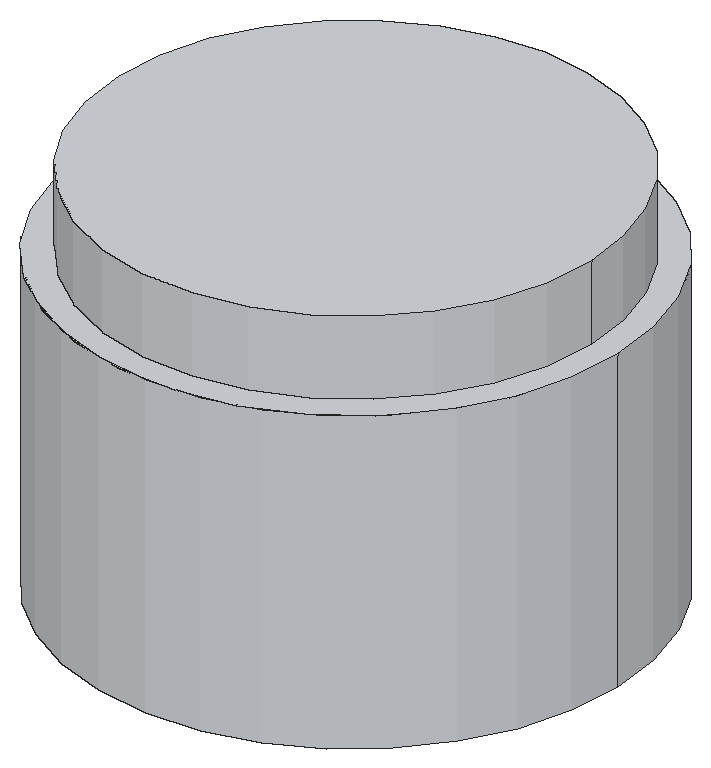
Revit family "M_Fotocélula", category Dispositivos de iluminação, Revit 2019
Family settings
  Manter orientação da anotação = Sim
  Cota do conector redondo = Utilizar diâmetro
  Tipo de parte = Interruptor
  Número OmniClass = 23.85.80.11.27
  Título OmniClass = Lighting Controls
  ID de item do Seek = Photocell-0000-CAN-ENU
  Com base no plano de trabalho = Não
  Sempre na vertical = Sim
  Corte com vazios quando carregada = Não
  Compartilhado = Não
  Ponto de cálculo do ambiente = Não
Parameters (values of type "Padrão")
  Voltagem = 120 V
  Raio 1 = Diâmetro * 0.45  # 34.2 mm
  Raio = Diâmetro * 0.5  # 38 mm
  Número de pólos = 1
  Material = none
  Classificação de carga = Outros
  Comprimento 1 = Altura * 0.8  # 43.2 mm
  Legenda = "PC"
  Altura = 54 mm
  Diâmetro = 76 mm
  Carga aparente = 0 VA
Reference planes
  plane 1 "Centro (Frente/Trás)": y = 0
  plane 2: z = 0
  plane 3 "Centro (Esquerda/Direita)": x = 0
  plane 4: z = 54
  plane 5: z = 43.2
Forms (mm)
  Extrusion 1, solid, material <- "Material"
    sketch origin (0, 0, 0) x (1, 0, 0) y (0, 1, 0)
      loop
        circle (0, 0) r 38
    from 0 to 43.2
  Extrusion 2, solid, material <- "Material"
    sketch origin (0, 0, 0) x (1, 0, 0) y (0, 1, 0)
      loop
        circle (0, 0) r 34.2
    from 43.2 to 54
Cuts and joins
  joined: Extrusion 1, Extrusion 2
Lines and regions (mm)
  symbolic lines, detail levels fine
    curve 1: arc (34.2, 0, 0) -> (0, 34.2, 0) -> (-34.2, 0, 0) r 34.2
    curve 2: arc (-34.2, 0, 0) -> (0, -34.2, 0) -> (34.2, 0, 0) r 34.2
    curve 3: arc (-38, 0, 0) -> (0, -38, 0) -> (38, 0, 0) r 38
    curve 4: arc (38, 0, 0) -> (0, 38, 0) -> (-38, 0, 0) r 38
Dimensions and locks
  "Altura": plane 4 to plane 2
  "Comprimento 1": plane 5 to plane 2
  "Raio": radius of Extrusion 1 sketch curve
  "Raio 1": radius of Extrusion 2 sketch curve
  aligned and locked: plane 1 "Centro (Frente/Trás)" to Extrusion 1 sketch curve
  aligned and locked: plane 3 "Centro (Esquerda/Direita)" to Extrusion 1 sketch curve
  aligned and locked: plane 1 "Centro (Frente/Trás)" to Extrusion 2 sketch curve
  aligned and locked: plane 3 "Centro (Esquerda/Direita)" to Extrusion 2 sketch curve
  aligned and locked: plane 5 to Extrusion 1
  aligned and locked: Extrusion 1 to plane 2
  aligned and locked: Extrusion 2 to plane 5
  aligned and locked: plane 4 to Extrusion 2
  aligned and locked: curve 1 to Extrusion 2
  aligned and locked: curve 2 to Extrusion 2
  aligned and locked: curve 3 to Extrusion 1
  aligned and locked: curve 4 to Extrusion 1
  aligned and locked: plane 1 "Centro (Frente/Trás)" to nested 1
  aligned and locked: plane 3 "Centro (Esquerda/Direita)" to nested 1
Nested families
  nested 1: "M_Anotação de fotocélula" at (0, 0, 0), type "Anotação de fotocélula", detail levels coarse+medium
Connectors
  electrical at (0, 0, 0), driven by "Voltagem", driven by "Número de pólos", driven by "Carga aparente", driven by "Classificação de carga"
    settings: on Extrusion 1, index 1, voltage 120 V, apparent load 0 VA, apparent load phase1 0 VA, apparent load phase2 0 VA, apparent load phase3 0 VA, power factor 1, load classification "Outros", number of poles 1, system type 31, power factor state 1, is connector primary yes, connector utility no, sub classification motor no, connector description ""
Definition of nested family "M_Anotação de fotocélula"
  Parameters
    Anotação de legenda = "PC"
  Reference planes
    plane 1: y = 0
    plane 2: x = 0
  Lines and regions (mm)
    reference lines
      curve 1: line (-2.183, 5.783, 0) -> (-2.183, -7.274, 0)
      curve 2: line (2.183, 7.519, 0) -> (2.183, -7.274, 0)
      curve 3: line (-6.856, 2.381, 0) -> (8.926, 2.381, 0)
      curve 4: line (-9.435, -2.381, 0) -> (9.615, -2.381, 0)
    detail lines
      curve 5: line (-2.183, 2.381, 0) -> (2.183, 2.381, 0)
      curve 6: line (-2.183, -2.381, 0) -> (-2.183, 2.381, 0)
      curve 7: line (2.183, -2.381, 0) -> (-2.183, -2.381, 0)
      curve 8: line (2.183, 2.381, 0) -> (2.183, -2.381, 0)
  Text (mm)
    label "PC" at (-2.312, -0.271, 0), shows "Anotação de legenda"
  Dimensions and locks
    locked: curve 1 to plane 2 at 2.183
    locked: plane 2 to curve 2 at 2.183
    equal spacing: curve 4, plane 1, curve 3
    curve 4 to curve 3 = 4.763 mm
    aligned and locked: curve 3 to curve 5
    aligned and locked: curve 6 to curve 1
    aligned and locked: curve 7 to curve 4
    aligned and locked: curve 2 to curve 8
